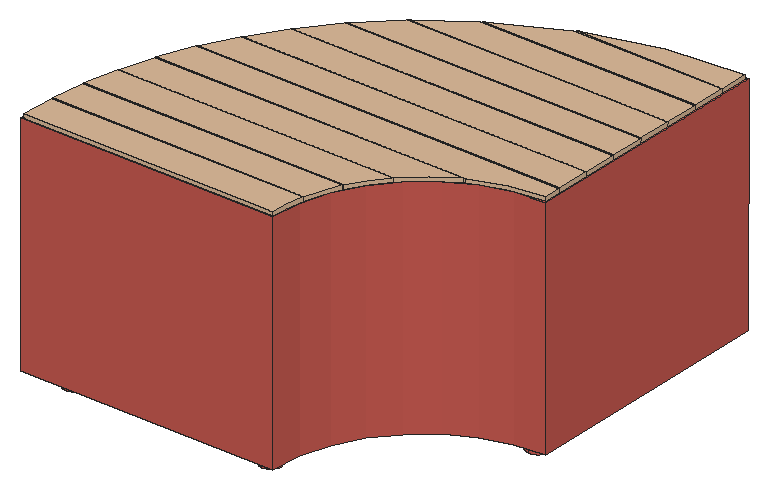
Revit family "product code 61705-S-L", category Meble, Revit 2021
Family settings
  Numer OmniClass = 23.40.20.00
  Tytuł OmniClass = General Furniture and Specialties
  Oparty na płaszczyźnie roboczej = Nie
  Zawsze pionowo = Tak
  Tnij formami wycięć po wczytaniu = Nie
  Współdzielony = Nie
  Punkt obliczania pomieszczeń = Nie
Parameters (values of type "61705-S-L")
  wood = Kobenhagen Wood - Larch
  metal = Kobenhagen RAL 3020
  Width = "80 cm"
  Weight = "20 kg"
  URL = "https://kobenhagen.com/en_US/p/Valby-Bench/108"
  Product line = "Valby"
  Product Groups = "Benches"
  Producent = "Lars Laj"
  Keynote = ""
  Opis = "61705-S-L\r\nVALBY\r\nVALBY\r\nValby Bench"
  Model = "61705-S-L"
  Material = "Larch, stainless steel, powder coated steel"
  Maintenance = "We recommend to examine and tighten all screws and bolt clamps after a few weeks’ use. In order to prevent cracks and to extend the life of the wood, it is recommended that the wood details should be oiled every 3-5 years."
  Lenght = "80 cm"
  Type Comments = ""
  Kobenhagen Materials = "larslaj.com/bim"
  Hosted on larslaj.com = "https://larslaj.com/bim"
  Height = "48 cm"
  Domyślna rzędna = 0 mm
  Copyright = "All designs and drawings are the intellectual property of Lars Laj A/S and are protected by Danish and international copyright laws."
Reference planes
  plane 1 "front": y = 0
  plane 2: z = 0
  plane 3 "Środek (Lewa/Prawa)": x = 0
  plane 4 "left": x = -247.535
  plane 5 "back": y = 400
  plane 6: x = 264.233
  plane 7: z = 301.491
Forms (mm)
  Extrusion 1, solid, material "Kobenhagen RAL 3020" <- "metal", not visible
    sketch origin (0, 0, 0) x (0, 1, 0) y (0, 0, 1)
      loop
        arc (71.187, 451.5) -> (57.045, 445.642) -> (51.187, 431.5) r 20
        line (51.187, 431.5) -> (51.187, 18.231)
        arc (51.187, 18.231) -> (56.527, 5.34) -> (69.418, 0) r 18.231
        line (69.418, 0) -> (153.638, 0) -> (153.638, 15) -> (448.638, 15) -> (448.638, 0) -> (527.023, 0)
        arc (527.023, 0) -> (542.307, 6.331) -> (548.638, 21.615) r 21.615
        line (548.638, 21.615) -> (548.638, 429.407)
        arc (548.638, 429.407) -> (542.168, 445.029) -> (526.545, 451.5) r 22.093
        line (526.545, 451.5) -> (71.187, 451.5)
    from 750.378 to 745
  Extrusion 2, solid, material "Kobenhagen RAL 3020" <- "metal", not visible
    sketch origin (0, 0, 0) x (0, 1, 0) y (0, 0, 1)
      loop
        line (548.638, 396.844) -> (629.375, 854.725) -> (601.836, 859.581)
        arc (601.836, 859.581) -> (585.224, 855.898) -> (576.082, 841.547) r 22.232
        line (576.082, 841.547) -> (507.306, 451.5) -> (526.545, 451.5)
        arc (526.545, 451.5) -> (542.168, 445.029) -> (548.638, 429.407) r 22.093
        line (548.638, 429.407) -> (548.638, 396.844)
    from 745 to 750.378
  Extrusion 3, solid, material "Kobenhagen RAL 3020" <- "metal"
    sketch origin (0, 0, 0) x (1, 0, 0) y (0, 1, 0)
      loop
        line (-450, 0) -> (50, 0)
        arc (50, 0) -> (137.868, 212.132) -> (350, 300) r 300
        line (350, 300) -> (350, 800)
        arc (350, 800) -> (-215.685, 565.685) -> (-450, 0) r 800
      loop
        line (-446.994, 3) -> (47.015, 3)
        arc (47.015, 3) -> (135.747, 214.253) -> (347, 302.985) r 303
        line (347, 302.985) -> (347, 796.994)
        arc (347, 796.994) -> (-213.564, 563.564) -> (-446.994, 3) r 797
    from 30 to 477
  Extrusion 4, solid, material "Kobenhagen RAL 3020" <- "metal"
    sketch origin (0, 0, 0) x (1, 0, 0) y (0, 1, 0)
      loop
        line (-360.621, 79.011) -> (-21.695, 79.011)
        arc (-21.695, 79.011) -> (81.298, 268.7) -> (270.986, 371.695) r 380
        line (270.986, 371.695) -> (270.986, 710.621)
        arc (270.986, 710.621) -> (-155.582, 505.58) -> (-360.621, 79.011) r 715
      loop
        arc (346.35, 796.342) -> (-213.104, 563.104) -> (-446.342, 3.65) r 796.35
        line (-446.342, 3.65) -> (46.372, 3.65)
        arc (46.372, 3.65) -> (135.287, 214.713) -> (346.35, 303.628) r 303.65
        line (346.35, 303.628) -> (346.35, 796.342)
    from 30 to 35
  Extrusion 5, solid, material "Kobenhagen RAL 3020" <- "metal"
    sketch origin (0, 0, 0) x (1, 0, 0) y (0, 1, 0)
      loop
        line (-405.778, 43.002) -> (9.706, 43.002)
        arc (9.706, 43.002) -> (107.463, 242.538) -> (307, 340.294) r 343
        line (307, 340.294) -> (307, 755.778)
        arc (307, 755.778) -> (-185.279, 535.28) -> (-405.778, 43.002) r 757
      loop
        line (-446.342, 3.65) -> (46.372, 3.65)
        arc (46.372, 3.65) -> (135.287, 214.713) -> (346.35, 303.628) r 303.65
        line (346.35, 303.628) -> (346.35, 796.342)
        arc (346.35, 796.342) -> (-213.104, 563.104) -> (-446.342, 3.65) r 796.35
    from 433 to 437
  Extrusion 6, solid, material "Kobenhagen Wood - Larch" <- "wood"
    sketch origin (0, 0, 0) x (1, 0, 0) y (0, 1, 0)
      loop
        line (-405.778, 43.002) -> (9.706, 43.002)
        arc (9.706, 43.002) -> (107.463, 242.538) -> (307, 340.294) r 343
        line (307, 340.294) -> (307, 755.778)
        arc (307, 755.778) -> (-185.279, 535.28) -> (-405.778, 43.002) r 757
      loop
        line (-446.342, 3.65) -> (46.372, 3.65)
        arc (46.372, 3.65) -> (135.287, 214.713) -> (346.35, 303.628) r 303.65
        line (346.35, 303.628) -> (346.35, 796.342)
        arc (346.35, 796.342) -> (-213.104, 563.104) -> (-446.342, 3.65) r 796.35
    from 437 to 452
  Extrusion 7, solid, material "Kobenhagen RAL 3020" <- "metal"
    sketch origin (0, 0, 0) x (1, 0, 0) y (0, 1, 0)
      loop
        circle (-288.504, 374.049) r 21.2
      loop
        circle (-387.738, 57.811) r 21.2
      loop
        circle (-0.329, 57.399) r 21.2
      loop
        circle (292.601, 350.329) r 21.2
      loop
        circle (-22.56, 639.374) r 21.2
      loop
        circle (292.186, 737.738) r 21.2
    from 0 to 30
  Extrusion 8, solid, material "Kobenhagen Wood - Larch" <- "wood"
    sketch origin (0, 0, 0) x (1, 0, 0) y (0, 1, 0)
      loop
        line (57.407, 740.65) -> (346.35, 740.65) -> (346.35, 796.342)
        arc (346.35, 796.342) -> (199.284, 781.958) -> (57.407, 740.65) r 796.35
      loop
        line (346.35, 738.65) -> (52.394, 738.65)
        arc (52.394, 738.65) -> (-12.612, 709.003) -> (-74.699, 673.65) r 796.35
        line (-74.699, 673.65) -> (346.35, 673.65) -> (346.35, 738.65)
      loop
        line (346.35, 671.65) -> (-77.855, 671.65)
        arc (-77.855, 671.65) -> (-122.993, 640.664) -> (-165.896, 606.65) r 796.35
        line (-165.896, 606.65) -> (346.35, 606.65) -> (346.35, 671.65)
      loop
        line (346.35, 604.65) -> (-168.239, 604.65)
        arc (-168.239, 604.65) -> (-202.886, 573.141) -> (-235.62, 539.65) r 796.35
        line (-235.62, 539.65) -> (346.35, 539.65) -> (346.35, 604.65)
      loop
        line (346.35, 537.65) -> (-237.457, 537.65)
        arc (-237.457, 537.65) -> (-265.047, 505.857) -> (-290.918, 472.65) r 796.35
        line (-290.918, 472.65) -> (346.35, 472.65) -> (346.35, 537.65)
      loop
        line (346.35, 470.65) -> (-292.388, 470.65)
        arc (-292.388, 470.65) -> (-314.634, 438.675) -> (-335.289, 405.65) r 796.35
        line (-335.289, 405.65) -> (346.35, 405.65) -> (346.35, 470.65)
      loop
        line (346.35, 403.65) -> (-336.469, 403.65)
        arc (-336.469, 403.65) -> (-354.363, 371.546) -> (-370.756, 338.65) r 796.35
        line (-370.756, 338.65) -> (346.35, 338.65) -> (346.35, 403.65)
      loop
        line (346.35, 336.65) -> (-371.693, 336.65)
        arc (-371.693, 336.65) -> (-385.857, 304.447) -> (-398.585, 271.65) r 796.35
        line (-398.585, 271.65) -> (214.318, 271.65)
        arc (214.318, 271.65) -> (278.681, 294.464) -> (346.35, 303.628) r 332.005
        line (346.35, 303.628) -> (346.35, 336.65)
      loop
        line (210.386, 269.65) -> (-399.308, 269.65)
        arc (-399.308, 269.65) -> (-410.151, 237.367) -> (-419.605, 204.65) r 796.35
        line (-419.605, 204.65) -> (125.675, 204.65)
        arc (125.675, 204.65) -> (165.638, 240.267) -> (210.386, 269.65) r 364.685
      loop
        line (123.867, 202.65) -> (-420.134, 202.65)
        arc (-420.134, 202.65) -> (-427.928, 170.299) -> (-434.363, 137.65) r 796.35
        line (-434.363, 137.65) -> (79.342, 137.65)
        arc (79.342, 137.65) -> (99.487, 171.6) -> (123.867, 202.65) r 303.65
      loop
        line (78.334, 135.65) -> (-434.712, 135.65)
        arc (-434.712, 135.65) -> (-439.63, 103.237) -> (-443.21, 70.65) r 796.35
        line (-443.21, 70.65) -> (54.683, 70.65)
        arc (54.683, 70.65) -> (64.652, 103.826) -> (78.334, 135.65) r 303.65
      loop
        line (54.212, 68.65) -> (-443.385, 68.65)
        arc (-443.385, 68.65) -> (-445.528, 36.18) -> (-446.342, 3.65) r 796.35
        line (-446.342, 3.65) -> (46.372, 3.65)
        arc (46.372, 3.65) -> (48.535, 36.362) -> (54.212, 68.65) r 303.65
    from 452 to 484
Dimensions and locks
  aligned and locked: level to plane 2
